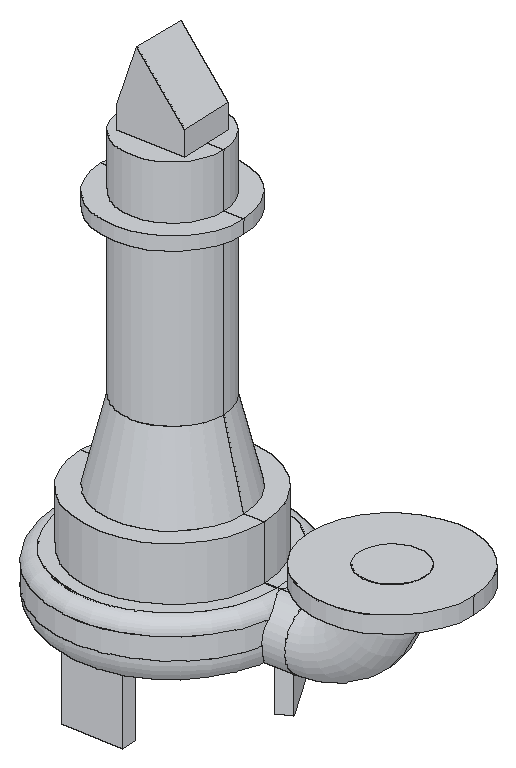
Revit family "09e2d732c43947819c4bf14bbbcfc163", category Mechanical Equipment, Revit 2021
Family settings
  Round Connector Dimension = Use Radius
  Classification = Pump
  Part Type = Normal
  OmniClass Number = 23.60.30.21
  OmniClass Title = Pumps
  Work Plane-Based = No
  Always vertical = Yes
  Cut with Voids When Loaded = No
  Shared = No
  Room Calculation Point = No
Parameters (values of type "0.75 kW - 2" Discharge")
  Voltage [instance] = 230 V
  Symbol Radius = Cover Diameter / 2  # 4 3/8"
  Pump Material = none
  Number of Poles [instance] = 2
  Load Classification = Appliance - Dwelling Unit
  Length 2 = if(Discharge Nominal Diameter < 3", Discharge Nominal Diameter * 1.5, Discharge Nominal Diameter)  # 3"
  Length 1 = Cover Diameter / 2 - 1 1/2"  # 2 7/8"
  Height = 21 5/16"
  Flow [instance] = 105 GPM
  Flange Thickness = 5/8"
  Flange Radius = Flange Diameter / 2  # 3"
  Flange Diameter = 6"
  Discharge Z Offset = Discharge Height / 2  # 3 7/16"
  Discharge Nominal Radius = 1"
  Discharge Nominal Diameter = Discharge Nominal Radius * 2  # 2"
  Discharge Height Label = if(Discharge Height < Discharge Z Offset + Discharge Body Radius + Flange Thickness, Discharge Z Offset + Discharge Body Radius + Flange Thickness, Discharge Height)  # 6 7/8"
  Discharge Height = 6 7/8"
  Discharge Body Radius = Discharge Nominal Radius * 1.05 + 1/8"  # 1.175"
  Default Elevation = 0"
  Center to Discharge = 8 1/16"
  Cover Diameter = 8 3/4"
  Apparent Load [instance] = 0 VA
Reference planes (in)
  plane 1 "Center (Front/Back)": y = 0
  plane 2: z = 0
  plane 3 "Center (Left/Right)": x = 0
  plane 4: z = 21.3125
  plane 5: z = 3.4375
  plane 6: x = -4.375
  plane 7: x = 4.375
  plane 8: z = 2.2625
  plane 9: z = 15.8125
  plane 10: z = 16.3125
  plane 11: z = 18.3125
  plane 12 "discharge cl": x = 8.0625
  plane 13: z = 6.875
  plane 14: z = 6.25
  plane 15: x = 5.0625
  plane 16: z = 6.4375
  plane 17: z = 9.625
Forms (in)
  Revolve 1, solid, material <- "Pump Material"
    sketch origin (0, 0, 0) x (1, 0, 0) y (0, 0, 1)
      loop
        line (-2.625, 15.8125) -> (-1.875, 15.8125) -> (-1.875, 9.625) -> (-2.625, 6.6125) -> (-3.375, 6.6125) -> (-3.375, 4.6125) -> (-3.875, 4.6125)
        arc (-3.875, 4.6125) -> (-4.22855, 4.46605) -> (-4.375, 4.1125) r 0.5
        line (-4.375, 4.1125) -> (-4.375, 3.3125)
        arc (-4.375, 3.3125) -> (-4.06746, 2.57004) -> (-3.325, 2.2625) r 1.05
        line (-3.325, 2.2625) -> (0, 2.2625) -> (0, 18.3125) -> (-1.875, 18.3125) -> (-1.875, 16.3125) -> (-2.625, 16.3125) -> (-2.625, 15.8125)
      axis (0, 18.3125) -> (0, 2.2625)
    angle from 0 to 360
  Extrusion 2, solid, material <- "Pump Material"
    sketch origin (0, 0, 0) x (1, 0, 0) y (0, 0, 1)
      loop
        line (1.25, 18.3125) -> (1.25, 19.21188) -> (-0.5, 21.3125) -> (-1.25, 19.1375) -> (-1.25, 18.3125) -> (1.25, 18.3125)
    from -1 to 1
  Extrusion 3, solid, material <- "Pump Material"
    sketch origin (0, 0, 0) x (1, 0, 0) y (0, 1, 0)
      loop
        circle (8.0625, 0) r 3
    from 6.25 to 6.875
  Sweep 4, solid, material <- "Pump Material"
    path origin (0, 0, 0) x (1, 0, 0) y (0, 0, 1)
      loop
        line (0, 3.4375) -> (5.0625, 3.4375)
        arc (5.0625, 3.4375) -> (7.18382, 4.31618) -> (8.0625, 6.4375) r 3
        line (8.0625, 6.4375) -> (8.0625, 6.875)
    profile origin (2.53125, 0, 3.4375) x (0, 0, -1) y (0, -1, 0)
      loop
        circle (0, 0) r 1.175
  Extrusion 5, solid, material <- "Pump Material"
    sketch origin (0, 0.5, 0) x (1, 0, 0) y (0, 1, 0)
      loop
        line (-1.1244, -3.62819) -> (-1.1244, -4.19069) -> (1.1256, -4.19069) -> (1.1256, -3.62819) -> (-1.1244, -3.62819)
    from 0 to 3.4375
  Extrusion 6, solid, material <- "Pump Material"
    sketch origin (0.43301, -0.25, 0) x (-0.5, -0.866025, 0) y (0.866025, -0.5, 0)
      loop
        line (-1.1244, -3.62819) -> (-1.1244, -4.19069) -> (1.1256, -4.19069) -> (1.1256, -3.62819) -> (-1.1244, -3.62819)
    from 0 to 3.4375
  Extrusion 7, solid, material <- "Pump Material"
    sketch origin (-0.43301, -0.25, 0) x (-0.5, 0.866025, 0) y (-0.866025, -0.5, 0)
      loop
        line (-1.1244, -3.62819) -> (-1.1244, -4.19069) -> (1.1256, -4.19069) -> (1.1256, -3.62819) -> (-1.1244, -3.62819)
    from 0 to 3.4375
Lines and regions (in)
  Masking region 1, detail levels fine
    outline origin (0, 0, 0) x (1, 0, 0) y (0, 1, 0)
      loop
        arc (4.21426, 1.175) -> (-4.375, 0) -> (4.21426, -1.175) r 4.375
        line (4.21426, -1.175) -> (5.30218, -1.175)
        arc (5.30218, -1.175) -> (11.0625, 0) -> (5.30218, 1.175) r 3
        line (5.30218, 1.175) -> (4.21426, 1.175)
  Masking region 2, detail levels fine
    outline origin (0, 0, 0) x (1, 0, 0) y (0, 1, 0)
      loop
        circle (0, 0) r 4.375
  symbolic lines, detail levels fine
    curve 1: circle (0, 0, 16.3125) r 1.875 normal (0, 0, 1)
    curve 2: circle (8.0625, 0, 16.3125) r 3 normal (0, 0, 1)
    curve 3: circle (8.0625, 0, 16.3125) r 1 normal (0, 0, 1)
    curve 4: line (-1.5, 1, 16.3125) -> (1.5, 1, 16.3125)
    curve 5: line (-1.5, -1, 16.3125) -> (-1.5, 1, 16.3125)
    curve 6: line (1.5, -1, 16.3125) -> (-1.5, -1, 16.3125)
    curve 7: line (1.5, 1, 16.3125) -> (1.5, -1, 16.3125)
    curve 8: line (0, 1, 0) -> (0, -1, 0)
Dimensions and locks (in)
  "Height": plane 4 to level
  equal spacing: plane 7, plane 3 "Center (Left/Right)", plane 6
  "Cover Diameter": plane 7 to plane 6
  locked: plane 10 to plane 9 at 0.5
  locked: plane 4 to plane 11 at 3
  equal spacing: Revolve 1 sketch curve, plane 5, Revolve 1 sketch curve
  "Center to Discharge": plane 12 "discharge cl" to plane 3 "Center (Left/Right)"
  "Discharge Body Radius": plane 5 to plane 8
  locked: plane 11 to plane 10 at 2
  "Discharge Z Offset": plane 5 to level
  "Discharge Height Label": plane 13 to level
  "Flange Thickness": plane 13 to plane 14
  "Discharge Body Radius": plane 1 "Center (Front/Back)" to Masking region 1 sketch curve
  "Discharge Body Radius": Masking region 1 sketch curve to plane 1 "Center (Front/Back)"
  "Length 2": plane 12 "discharge cl" to plane 15
  "Length 2": plane 16 to plane 5
  locked: Revolve 1 sketch curve to Revolve 1 sketch curve at 1
  locked: Revolve 1 sketch curve to Revolve 1 sketch curve at 2
  locked: Revolve 1 sketch curve to Revolve 1 sketch curve at 1.5
  equal spacing: plane 9, plane 17, plane 5
  locked: Revolve 1 sketch curve to Revolve 1 sketch curve at 0.75
  equal spacing: Extrusion 2 sketch curve, plane 3 "Center (Left/Right)", Extrusion 2 sketch curve
  radius of Revolve 1 sketch curve = 1/2"
  "Flange Radius": radius of Extrusion 3 sketch curve
  "Discharge Nominal Radius": radius of curve 3
  radius of Revolve 1 sketch curve = 1.05"
  "Length 2": radius of Sweep 4 sketch curve
  "Discharge Body Radius": radius of Sweep 4 sketch curve
  "Symbol Radius": radius of Masking region 1 sketch curve
  aligned and locked: Revolve 1 sketch curve to plane 3 "Center (Left/Right)"
  aligned and locked: Revolve 1 sketch curve to plane 11
  aligned and locked: Revolve 1 sketch curve to Revolve 1 sketch curve  (x2)
  aligned and locked: nested 1 to plane 1 "Center (Front/Back)"
  aligned and locked: plane 3 "Center (Left/Right)" to nested 1
  aligned and locked: plane 12 "discharge cl" to Extrusion 3 sketch curve
  aligned and locked: plane 1 "Center (Front/Back)" to Extrusion 3 sketch curve
  aligned and locked: plane 13 to Extrusion 3
  aligned and locked: Extrusion 3 to plane 14
  aligned and locked: Masking region 1 sketch curve to Extrusion 3
  aligned and locked: curve 2 to Masking region 1
  aligned and locked: curve 6 to Extrusion 2
  aligned and locked: curve 4 to Extrusion 2
  aligned and locked: plane 12 "discharge cl" to curve 3
  aligned and locked: plane 1 "Center (Front/Back)" to curve 3
  aligned and locked: plane 16 to Sweep 4 sketch curve
  aligned and locked: plane 15 to Sweep 4 sketch curve
  aligned and locked: plane 3 "Center (Left/Right)" to Sweep 4 sketch curve
  aligned and locked: profile plane to Sweep 4 sketch curve  (x2)
  aligned and locked: plane 13 to Sweep 4 sketch curve
  aligned and locked: plane 5 to Extrusion 5
  aligned and locked: Extrusion 5 to level
  aligned and locked: plane 3 "Center (Left/Right)" to Masking region 1 sketch curve
  aligned and locked: Extrusion 5 to plane 5
  aligned and locked: level to Extrusion 5
  aligned and locked: plane 17 to Revolve 1 sketch curve
  aligned and locked: curve 1 to Revolve 1
  aligned and locked: Masking region 2 sketch curve to Masking region 1
Automatic sketch dimensions
  plane 3 "Center (Left/Right)" to curve 6 = 1 1/2"
  curve 6 to plane 3 "Center (Left/Right)" = 1 1/2"
  Extrusion 5 sketch curve to Extrusion 5 sketch curve = 9/16"
  plane 1 "Center (Front/Back)" to Masking region 1 sketch curve = 0"
  Extrusion 5 sketch curve to Extrusion 5 sketch curve = 2 1/4"
  Revolve 1 sketch curve to plane 6 = 0"
  Revolve 1 sketch curve to plane 10 = 0"
  Revolve 1 sketch curve to plane 8 = 0"
  Revolve 1 sketch curve to Revolve 1 sketch curve = 3/4"
  Revolve 1 sketch curve to level = 3.86576"
  Revolve 1 sketch curve to plane 9 = 0"
  plane 4 to Revolve 1 sketch curve = 6.50924"
  plane 1 "Center (Front/Back)" to curve 8 = 1"
  curve 8 to plane 1 "Center (Front/Back)" = 1"
  curve 8 to plane 3 "Center (Left/Right)" = 0"
  Extrusion 2 sketch curve to plane 11 = 0"
  Extrusion 2 sketch curve to plane 4 = 0"
  Extrusion 2 sketch curve to plane 3 "Center (Left/Right)" = 1 1/4"
  Extrusion 2 sketch curve to plane 3 "Center (Left/Right)" = 1/2"
  Extrusion 2 sketch curve to Extrusion 2 sketch curve = 0.89938"
  Extrusion 2 sketch curve to Extrusion 2 sketch curve = 0.825"
  Extrusion 6 sketch curve to Extrusion 6 sketch curve = 9/16"
  Extrusion 6 sketch curve to Extrusion 6 sketch curve = 2 1/4"
  Extrusion 7 sketch curve to Extrusion 7 sketch curve = 9/16"
  Extrusion 7 sketch curve to Extrusion 7 sketch curve = 2 1/4"
  Extrusion 5 sketch curve to plane 3 "Center (Left/Right)" = 1.1244"
  plane 1 "Center (Front/Back)" to Extrusion 5 sketch curve = 3.69069"
  plane 6 to Extrusion 6 sketch curve = 1.74097"
  Extrusion 6 sketch curve to plane 1 "Center (Front/Back)" = 2.8191"
  Extrusion 7 sketch curve to plane 7 = 0.61657"
  Extrusion 7 sketch curve to plane 1 "Center (Front/Back)" = 0.87159"
Nested families (in)
  nested 1: "Pump Symbol" at (0, 0, 0) x (0, 1, 0) z (0, 0, 1), Symbol Radius <- "Symbol Radius", type "Pump Symbol", detail levels coarse+medium
    with Symbol Radius 4 3/8", Symbol Length 2 3.78886", Symbol Length 1 2 3/16"
Connectors (in)
  electrical at (-0.1, -1, 19.25738), driven by "Number of Poles", driven by "Load Classification", driven by "Voltage", driven by "Apparent Load"
    settings: on Extrusion 2, index 2, voltage 230 V, apparent load 0 VA, apparent load phase1 0 VA, apparent load phase2 0 VA, apparent load phase3 0 VA, power factor 0.8, load classification "Appliance - Dwelling Unit", number of poles 2, system type 30, power factor state 1, is connector primary yes, connector utility no, sub classification motor no, connector description "Power"
  piping at (8.0625, 0, 6.875), diameter 2, driven by "Flow", driven by "Discharge Nominal Radius"
    settings: on Extrusion 3, index 3, connector inside diameter 24", connector length 0", flow factor 0, pipe flow 105 GPM, pressure drop 0.00 psi, fitting loss kfactor 0, connector angle 0.00°, fixture units 0, engagement length 0", angle of deflection 0.00°, flow configuration 1, flow direction 2, fitting loss method 0, system type 16, joint type 0, gender type 0, connector reference index -1, connector utility 0, adjustable connector no, is connector primary yes, connector description "Out"
Definition of nested family "Pump Symbol"
  Parameters (values of type "Pump Symbol")
    Symbol Radius [instance] = 24"
    Symbol Length 2 [instance] = cos(30.00°) * Symbol Radius  # 20.78461"
    Symbol Length 1 [instance] = sin(30.00°) * Symbol Radius  # 12"
  Reference planes (in)
    plane 1 "Center (Front/Back)": y = 0
    plane 2: z = 0
    plane 3 "Center (Left/Right)": x = 0
    plane 4: y = 12
    plane 5: y = -24
    plane 6: x = -20.78461
    plane 7: x = 20.78461
  Lines and regions (in)
    Filled region 1, type "Concrete Block", in view "Ref. Level"
      outline origin (0, 0, 0) x (1, 0, 0) y (0, 1, 0)
        loop
          line (-20.78461, 12) -> (0, -24) -> (20.78461, 12) -> (-20.78461, 12)
    detail lines, in view "Ref. Level"
      curve 1: circle (0, 0, 0) r 24 normal (0, 0, 1)
  Dimensions and locks (in)
    "Symbol Radius": plane 1 "Center (Front/Back)" to plane 5
    "Symbol Length 1": plane 4 to plane 1 "Center (Front/Back)"
    "Symbol Length 2": plane 6 to plane 3 "Center (Left/Right)"
    "Symbol Length 2": plane 3 "Center (Left/Right)" to plane 7
    "Symbol Radius": radius of curve 1
    aligned and locked: plane 3 "Center (Left/Right)" to curve 1
    aligned and locked: plane 1 "Center (Front/Back)" to curve 1
  Automatic sketch dimensions
    Filled region 1 sketch curve to plane 4 = 0"
    Filled region 1 sketch curve to plane 6 = 0"
    Filled region 1 sketch curve to plane 3 "Center (Left/Right)" = 0"
    Filled region 1 sketch curve to plane 7 = 0"
    Filled region 1 sketch curve to plane 5 = 0"
